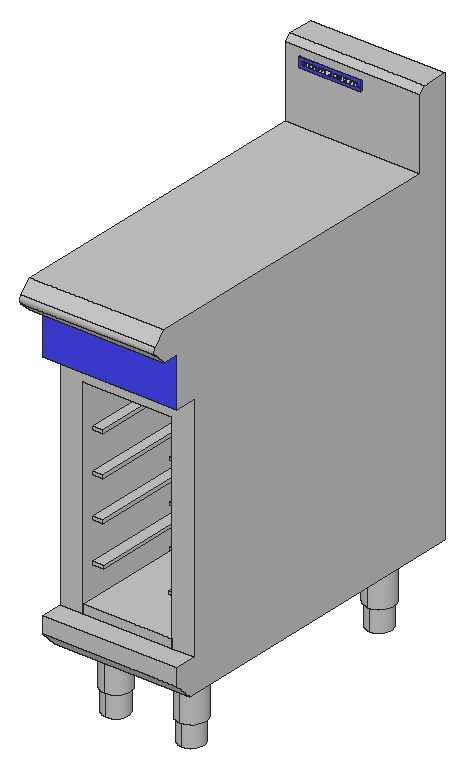
Revit family "QF_MOFFAT_BLUESEAL_CE_B30-CB", category Specialty Equipment, Revit 2012
Parameters
  Weight in Pounds = 114  # constant formula
  Width [instance] = 300.00 mm
  URL Cutsheet = "www.moffat.com"
  URL = "www.moffat.com"
  Type Mark [instance] = ""
  Status [instance] = ""
  Specification by User [instance] = ""
  Specification by Manufacturer = ""
  Show Logo [instance] = yes
  Show Casters [instance] = no
  Serial Number = ""
  Seismic Rating = ""
  SMACNA No = ""
  Revision Code [instance] = ""
  Omniclass Number and Title = ""
  NAFEM Spec ID Number = ""
  Model = "B30-CB"
  Masterspec = ""
  Manufacturer = "MOFFAT BLUESEAL"
  Legs [instance] = not(Show Casters)  # yes
  Item Number [instance] = ""
  Installed By [instance] = ""
  Identify Quantity as Lot [instance] = yes
  Height = 1085.00 mm  # constant formula
  Furnished By [instance] = ""
  Foodservice Equipment Identifier [instance] = yes
  Description = "300MM BENCH TOP CABINET ON BASE"
  Depth [instance] = 812.00 mm  # constant formula
  CSI MasterFormat = ""
  CSI Master Format = ""
  Back Splash [instance] = 57.00 mm  # constant formula
Reference planes
  plane 1 "BACK": y = 0
  plane 2: z = 0
  plane 3 "LEFT": x = 0
  plane 4 "RIGHT": x = 300
  plane 5 "FRONT": y = -812
  plane 6 "TOP": z = 972
  plane 7 "Center Y": x = 150
  plane 8 "Center X": y = -406
  plane 9 "Base Height": z = 150
  plane 10: z = 915
  plane 11: x = 65
  plane 12: x = 384
  plane 13: y = -625
  plane 14: y = -100
  plane 15: z = 1085
Forms (mm)
  Extrusion 1, solid, material "QF_Finishes_Stainless Steel"
    sketch origin (0, 0, 0) x (0, 1, 0) y (0, 0, 1)
      loop
        line (-70, 222.5) -> (-749, 222.5) -> (-749, 186) -> (-713, 150) -> (0, 150) -> (0, 1085.5) -> (-57, 1085.5) -> (-70, 1072.5) -> (-70, 915) -> (-783.97, 915) -> (-808.485, 890.485)
        arc (-808.485, 890.485) -> (-811.999, 882) -> (-808.485, 873.515) r 12
        line (-808.485, 873.515) -> (-784.97, 850) -> (-749, 850) -> (-749, 740) -> (-699, 740) -> (-699, 687) -> (-70, 687) -> (-70, 222.5)
    from 0 to 300
  Revolve 2, solid, material "QF_Finishes_Stainless Steel"
    sketch origin (65, -728, 0) x (0, 1, 0) y (0, 0, 1)
      loop
        line (71.25, 150) -> (71.25, 50) -> (75.5, 50) -> (75.5, 0) -> (103, 0) -> (103, 150) -> (71.25, 150)
      axis (103, 150) -> (103, 0)
    angle from 0 to 360
  Revolve 3, solid, material "QF_Finishes_Stainless Steel"
    sketch origin (234, -728, 0) x (0, 1, 0) y (0, 0, -1)
      loop
        line (71.25, -150) -> (103, -150) -> (103, 0) -> (75.5, 0) -> (75.5, -50) -> (71.25, -50) -> (71.25, -150)
      axis (103, -150) -> (103, 0)
    angle from 0 to 360
  Extrusion 4, solid, material "QF_Finishes_Stainless Steel"
    sketch origin (0, -70, 1085.255) x (0, 0, -1) y (1, 0, 0)
      loop
        line (862.755, 50) -> (398.255, 50) -> (398.255, 0) -> (862.755, 0) -> (862.755, 50)
      loop
        line (862.755, 250) -> (862.755, 300) -> (398.255, 300) -> (398.255, 250) -> (862.755, 250)
    from 0 to 629
  Extrusion 5, solid, material "QF_Finishes_Stainless Steel"
    sketch origin (0, -70, 1085.255) x (0, 0, -1) y (1, 0, 0)
      loop
        line (684.568, 50) -> (684.568, 75) -> (678.218, 75) -> (678.218, 50) -> (684.568, 50)
      loop
        line (588.218, 75) -> (588.218, 50) -> (594.568, 50) -> (594.568, 75) -> (588.218, 75)
      loop
        line (774.568, 52.455) -> (774.568, 77.455) -> (768.218, 77.455) -> (768.218, 52.455) -> (774.568, 52.455)
      loop
        line (498.218, 75) -> (498.218, 50) -> (504.568, 50) -> (504.568, 75) -> (498.218, 75)
      loop
        line (684.568, 250) -> (678.218, 250) -> (678.218, 225) -> (684.568, 225) -> (684.568, 250)
      loop
        line (588.218, 225) -> (594.568, 225) -> (594.568, 250) -> (588.218, 250) -> (588.218, 225)
      loop
        line (774.568, 247.545) -> (768.218, 247.545) -> (768.218, 222.545) -> (774.568, 222.545) -> (774.568, 247.545)
      loop
        line (498.218, 225) -> (504.568, 225) -> (504.568, 250) -> (498.218, 250) -> (498.218, 225)
    from 0 to 604
  Revolve 6, solid, material "QF_Finishes_Stainless Steel", visible <- "Show Casters"
    sketch origin (15.776, -99.755, -13.653) x (1, 0, 0) y (0, 0, 1)
      loop
        line (14.841, 63.604) -> (83.584, 63.604) -> (83.584, 67.109) -> (82.314, 68.379) -> (80.79, 68.379) -> (80.79, 71.826) -> (68.644, 71.826) -> (68.644, 81.79) -> (65.088, 83.843) -> (63.738, 92.179) -> (65.881, 92.179) -> (65.881, 98.529) -> (65.088, 98.529) -> (65.088, 104.879)
        arc (65.088, 104.879) -> (62.298, 111.614) -> (55.563, 114.404) r 9.525
        line (55.563, 114.404) -> (42.863, 114.404)
        arc (42.863, 114.404) -> (36.127, 111.614) -> (33.338, 104.879) r 9.525
        line (33.338, 104.879) -> (33.338, 98.529) -> (32.544, 98.529) -> (32.544, 92.179) -> (34.687, 92.179) -> (33.352, 83.932) -> (29.782, 81.871) -> (29.782, 71.826) -> (17.635, 71.826) -> (17.635, 68.379) -> (16.111, 68.379) -> (14.841, 67.109) -> (14.841, 63.604)
      axis (14.841, 63.604) -> (83.584, 63.604)
    angle from 0 to 360
  Extrusion 7, solid, material "QF_Finishes_Stainless Steel", visible <- "Show Casters"
    sketch origin (71.501, 133.353, -8.783) x (0, 1, 0) y (0, 0, 1)
      loop
        line (-201.603, 118.783) -> (-265.103, 118.783) -> (-252.746, 53.895)
        arc (-252.746, 53.895) -> (-233.353, 38.783) -> (-213.959, 53.895) r 20
        line (-213.959, 53.895) -> (-201.603, 118.783)
    from -35.667 to 22.923
  Revolve 8, solid, material "QF_Finishes_Stainless Steel", visible <- "Show Casters"
    sketch origin (65, -203, 0) x (0, 1, 0) y (0, 0, 1)
      loop
        line (67.25, 150) -> (67.25, 110) -> (103, 110) -> (103, 150) -> (67.25, 150)
      axis (103, 150) -> (103, 110)
    angle from 0 to 360
  Revolve 9, solid, material "QF_Finishes_Stainless Steel", visible <- "Show Casters"
    sketch origin (234, -203, 0) x (0, 1, 0) y (0, 0, -1)
      loop
        line (67.25, -150) -> (103, -150) -> (103, -110) -> (67.25, -110) -> (67.25, -150)
      axis (103, -150) -> (103, -110)
    angle from 0 to 360
  Revolve 10, solid, material "QF_Finishes_Stainless Steel", visible <- "Show Casters"
    sketch origin (184.776, -99.755, -13.653) x (1, 0, 0) y (0, 0, 1)
      loop
        line (14.841, 63.604) -> (83.584, 63.604) -> (83.584, 67.109) -> (82.314, 68.379) -> (80.79, 68.379) -> (80.79, 71.826) -> (68.644, 71.826) -> (68.644, 81.79) -> (65.088, 83.843) -> (63.738, 92.179) -> (65.881, 92.179) -> (65.881, 98.529) -> (65.088, 98.529) -> (65.088, 104.879)
        arc (65.088, 104.879) -> (62.298, 111.614) -> (55.563, 114.404) r 9.525
        line (55.563, 114.404) -> (42.863, 114.404)
        arc (42.863, 114.404) -> (36.127, 111.614) -> (33.338, 104.879) r 9.525
        line (33.338, 104.879) -> (33.338, 98.529) -> (32.544, 98.529) -> (32.544, 92.179) -> (34.687, 92.179) -> (33.352, 83.932) -> (29.782, 81.871) -> (29.782, 71.826) -> (17.635, 71.826) -> (17.635, 68.379) -> (16.111, 68.379) -> (14.841, 67.109) -> (14.841, 63.604)
      axis (83.584, 63.604) -> (14.841, 63.604)
    angle from 0 to 360
  Extrusion 11, solid, material "QF_Finishes_Stainless Steel", visible <- "Show Casters"
    sketch origin (240.501, 133.353, -8.783) x (0, 1, 0) y (0, 0, 1)
      loop
        line (-201.603, 118.783) -> (-265.103, 118.783) -> (-252.746, 53.895)
        arc (-252.746, 53.895) -> (-233.353, 38.783) -> (-213.959, 53.895) r 20
        line (-213.959, 53.895) -> (-201.603, 118.783)
    from -35.667 to 22.923
  Revolve 12, solid, material "QF_Finishes_Stainless Steel", visible <- "Legs"
    sketch origin (65, -165, 0) x (0, 1, 0) y (0, 0, 1)
      loop
        line (33.25, 150) -> (33.25, 50) -> (37.5, 50) -> (37.5, 0) -> (65, 0) -> (65, 150) -> (33.25, 150)
      axis (65, 150) -> (65, 0)
    angle from 0 to 360
  Revolve 13, solid, material "QF_Finishes_Stainless Steel", visible <- "Legs"
    sketch origin (234, -165, 0) x (0, 1, 0) y (0, 0, -1)
      loop
        line (33.25, -150) -> (65, -150) -> (65, 0) -> (37.5, 0) -> (37.5, -50) -> (33.25, -50) -> (33.25, -150)
      axis (65, -150) -> (65, 0)
    angle from 0 to 360
  Extrusion 14, solid, material "QF_Finishes_Stainless Steel"
    sketch origin (0, -70, 1085.255) x (0, 0, -1) y (1, 0, 0)
      loop
        line (862.755, 50) -> (862.755, 250) -> (843.255, 250) -> (843.255, 50) -> (862.755, 50)
    from 0 to 629
Cuts and joins
  joined: Extrusion 1, Extrusion 4
Lines and regions (mm)
  Split face 1
    outline origin (300, 0, 1085.5) x (-1, 0, 0) y (0, -1, 0)
      loop
        arc (242.206, 18.385) -> (250.866, 23.385) -> (250.866, 33.385) r 10
        line (250.866, 33.385) -> (246.824, 40.385)
        arc (246.824, 40.385) -> (243.164, 44.045) -> (238.164, 45.385) r 10
        line (238.164, 45.385) -> (60.206, 45.385)
        arc (60.206, 45.385) -> (51.545, 40.385) -> (51.545, 30.385) r 10
        line (51.545, 30.385) -> (55.587, 23.385)
        arc (55.587, 23.385) -> (59.247, 19.725) -> (64.247, 18.385) r 10
        line (64.247, 18.385) -> (242.206, 18.385)
  symbolic lines
    curve 1: line (0, 0, 0) -> (0, -812, 0)
    curve 2: line (300, 0, 0) -> (0, 0, 0)
    curve 3: line (300, -812, 0) -> (300, 0, 0)
    curve 4: line (0, -70, 0) -> (300, -70, 0)
    curve 5: line (0, -812, 0) -> (300, -812, 0)
    curve 14: line (61.836, -45.385, 0) -> (239.794, -45.385, 0)
    curve 15: arc (239.794, -45.385, 0) -> (248.455, -40.385, 0) -> (248.455, -30.385, 0) r 10
    curve 16: line (248.455, -30.385, 0) -> (244.413, -23.385, 0)
    curve 17: arc (244.413, -23.385, 0) -> (240.753, -19.725, 0) -> (235.753, -18.385, 0) r 10
    curve 18: line (235.753, -18.385, 0) -> (57.794, -18.385, 0)
    curve 19: arc (57.794, -18.385, 0) -> (49.134, -23.385, 0) -> (49.134, -33.385, 0) r 10
    curve 20: line (49.134, -33.385, 0) -> (53.176, -40.385, 0)
    curve 21: arc (53.176, -40.385, 0) -> (56.836, -44.045, 0) -> (61.836, -45.385, 0) r 10
  symbolic lines, style "SpecialityEquipmentHiddenLines", visible <- "Show Casters"
    curve 6: line (78.456, -47.735, 0) -> (105.952, -63.61, 0)
    curve 7: line (27.656, -135.723, 0) -> (78.456, -47.735, 0)
    curve 8: line (55.152, -151.598, 0) -> (27.656, -135.723, 0)
    curve 9: line (105.952, -63.61, 0) -> (55.152, -151.598, 0)
    curve 10: line (240.793, -47.151, 0) -> (268.289, -63.026, 0)
    curve 11: line (189.993, -135.139, 0) -> (240.793, -47.151, 0)
    curve 12: line (217.489, -151.014, 0) -> (189.993, -135.139, 0)
    curve 13: line (268.289, -63.026, 0) -> (217.489, -151.014, 0)
Dimensions and locks
  equal spacing: plane 3 "LEFT", plane 7 "Center Y", plane 4 "RIGHT"
  "Width": plane 3 "LEFT" to plane 4 "RIGHT"
  equal spacing: plane 5 "FRONT", plane 8 "Center X", plane 1 "BACK"
  "Depth": plane 5 "FRONT" to plane 1 "BACK"
  locked: plane 10 to level at 915
  locked: plane 9 "Base Height" to level at 150
  plane 6 "TOP" to plane 10 = 57.00 mm
  plane 13 to plane 14 = 525.00 mm
  plane 12 to plane 11 = 319.00 mm
  "Height": plane 15 to level
  cut or joined group of Extrusion 1, Extrusion 4 to level = 915.00 mm
  Extrusion 1 sketch curve to level = 915.00 mm
  Revolve 6 sketch curve to Revolve 6 sketch curve = 50.80 mm
  Revolve 10 sketch curve to Revolve 10 sketch curve = 50.80 mm
  aligned and locked: level to plane 2
Automatic sketch dimensions
  Extrusion 1 sketch curve to plane 9 "Base Height" = 0.00 mm
  Extrusion 1 sketch curve to plane 1 "BACK" = 0.00 mm
  plane 15 to Extrusion 1 sketch curve = 0.50 mm
  plane 14 to Extrusion 1 sketch curve = 43.00 mm
  plane 14 to Extrusion 1 sketch curve = 30.00 mm  (x2)
  Extrusion 1 sketch curve to plane 13 = 74.00 mm
  Extrusion 1 sketch curve to plane 13 = 88.00 mm
  Extrusion 1 sketch curve to plane 5 "FRONT" = 63.00 mm  (x2)
  Extrusion 1 sketch curve to plane 5 "FRONT" = 28.03 mm
  Extrusion 1 sketch curve to plane 5 "FRONT" = 27.03 mm
  Extrusion 1 sketch curve to plane 5 "FRONT" = 12.001 mm
  Extrusion 1 sketch curve to plane 5 "FRONT" = 3.515 mm  (x2)
  plane 9 "Base Height" to Extrusion 1 sketch curve = 36.00 mm
  plane 9 "Base Height" to Extrusion 1 sketch curve = 72.50 mm
  Extrusion 1 sketch curve to plane 10 = 228.00 mm
  Extrusion 1 sketch curve to Extrusion 1 sketch curve = 53.00 mm
  Extrusion 1 sketch curve to plane 10 = 65.00 mm
  Extrusion 1 sketch curve to Extrusion 1 sketch curve = 23.515 mm
  Extrusion 1 sketch curve to Extrusion 1 sketch curve = 8.485 mm
  Extrusion 1 sketch curve to plane 15 = 12.50 mm
  Revolve 2 sketch curve to plane 9 "Base Height" = 0.00 mm
  Revolve 2 sketch curve to level = 0.00 mm
  Revolve 2 sketch curve to plane 13 = 0.00 mm  (x2)
  Revolve 2 sketch curve to plane 13 = 27.50 mm
  Revolve 2 sketch curve to plane 13 = 31.75 mm
  Revolve 2 sketch curve to Revolve 2 sketch curve = 55.00 mm
  level to Revolve 2 sketch curve = 50.00 mm
  Revolve 2 sketch curve to Revolve 2 sketch curve = 0.00 mm
  Revolve 3 sketch curve to plane 9 "Base Height" = 0.00 mm
  Revolve 3 sketch curve to level = 0.00 mm
  Revolve 3 sketch curve to plane 13 = 0.00 mm  (x2)
  Revolve 3 sketch curve to plane 13 = 27.50 mm
  Revolve 3 sketch curve to plane 13 = 31.75 mm
  level to Revolve 3 sketch curve = 50.00 mm
  Revolve 3 sketch curve to Revolve 3 sketch curve = 0.00 mm
  Revolve 3 sketch curve to Revolve 3 sketch curve = 55.00 mm
  Extrusion 4 sketch curve to Extrusion 1 = 0.00 mm  (x6)
  Extrusion 1 to Extrusion 4 sketch curve = 50.00 mm  (x2)
  plane 12 to Extrusion 5 sketch curve = 134.00 mm  (x3)
  Extrusion 5 sketch curve to plane 10 = 327.963 mm
  plane 11 to Extrusion 5 sketch curve = 10.00 mm  (x3)
  Extrusion 5 sketch curve to Extrusion 5 sketch curve = 0.00 mm
  Extrusion 5 sketch curve to Extrusion 5 sketch curve = 6.35 mm  (x8)
  Extrusion 5 sketch curve to Extrusion 5 sketch curve = 83.65 mm  (x6)
  plane 12 to Extrusion 5 sketch curve = 159.00 mm  (x3)
  plane 11 to Extrusion 5 sketch curve = 12.455 mm
  plane 12 to Extrusion 5 sketch curve = 136.455 mm
  Extrusion 5 sketch curve to plane 11 = 12.545 mm
  Extrusion 5 sketch curve to plane 11 = 15.00 mm  (x3)
  plane 12 to Extrusion 5 sketch curve = 161.455 mm
  plane 3 "LEFT" to Revolve 6 sketch curve = 30.618 mm
  Revolve 6 sketch curve to Revolve 6 sketch curve = 1.27 mm  (x4)
  Revolve 6 sketch curve to Revolve 6 sketch curve = 1.524 mm  (x2)
  Revolve 6 sketch curve to Revolve 6 sketch curve = 12.146 mm  (x2)
  Revolve 6 sketch curve to plane 11 = 16.68 mm
  Revolve 6 sketch curve to Revolve 6 sketch curve = 0.794 mm  (x2)
  Revolve 6 sketch curve to Revolve 6 sketch curve = 3.57 mm
  Revolve 6 sketch curve to Revolve 6 sketch curve = 2.143 mm
  Revolve 6 sketch curve to plane 11 = 6.361 mm
  plane 11 to Revolve 6 sketch curve = 5.13 mm
  plane 11 to Revolve 6 sketch curve = 6.339 mm
  plane 11 to Revolve 6 sketch curve = 14.515 mm
  Revolve 6 sketch curve to Revolve 6 sketch curve = 1.349 mm  (x2)
  Revolve 6 sketch curve to Revolve 6 sketch curve = 3.556 mm
  Revolve 6 sketch curve to Revolve 6 sketch curve = 33.32 mm
  level to Revolve 6 sketch curve = 49.952 mm
  Revolve 6 sketch curve to Revolve 6 sketch curve = 0.00 mm
  Revolve 6 sketch curve to Revolve 6 sketch curve = 3.505 mm  (x2)
  Revolve 6 sketch curve to Revolve 6 sketch curve = 3.447 mm  (x2)
  Revolve 6 sketch curve to Revolve 6 sketch curve = 9.964 mm
  Revolve 6 sketch curve to Revolve 6 sketch curve = 10.045 mm
  Revolve 6 sketch curve to Revolve 6 sketch curve = 2.053 mm
  Revolve 6 sketch curve to Revolve 6 sketch curve = 2.061 mm
  Revolve 6 sketch curve to Revolve 6 sketch curve = 8.247 mm
  Revolve 6 sketch curve to Revolve 6 sketch curve = 8.336 mm
  Revolve 6 sketch curve to Revolve 6 sketch curve = 6.35 mm  (x2)
  Extrusion 7 sketch curve to plane 14 = 0.00 mm
  Extrusion 7 sketch curve to plane 14 = 19.393 mm
  Extrusion 7 sketch curve to plane 14 = 31.75 mm
  plane 14 to Extrusion 7 sketch curve = 19.393 mm
  plane 14 to Extrusion 7 sketch curve = 31.75 mm
  level to Extrusion 7 sketch curve = 45.111 mm
  Extrusion 7 sketch curve to Extrusion 7 sketch curve = 4.889 mm
  Extrusion 7 sketch curve to plane 9 "Base Height" = 40.00 mm
  Revolve 8 sketch curve to plane 9 "Base Height" = 0.00 mm
  Revolve 8 sketch curve to plane 14 = 0.00 mm  (x2)
  Revolve 8 sketch curve to plane 14 = 35.75 mm
  Revolve 8 sketch curve to Revolve 8 sketch curve = 40.00 mm
  level to Revolve 8 sketch curve = 50.00 mm
  Revolve 8 sketch curve to level = 55.00 mm
  Revolve 9 sketch curve to plane 9 "Base Height" = 0.00 mm
  Revolve 9 sketch curve to plane 14 = 0.00 mm  (x2)
  Revolve 9 sketch curve to plane 14 = 35.75 mm
  Revolve 9 sketch curve to plane 9 "Base Height" = 40.00 mm
  level to Revolve 9 sketch curve = 50.00 mm
  Revolve 9 sketch curve to level = 55.00 mm
  plane 12 to Revolve 10 sketch curve = 184.382 mm
  Revolve 10 sketch curve to Revolve 10 sketch curve = 1.27 mm  (x4)
  Revolve 10 sketch curve to Revolve 10 sketch curve = 1.524 mm  (x2)
  Revolve 10 sketch curve to Revolve 10 sketch curve = 12.146 mm  (x2)
  plane 12 to Revolve 10 sketch curve = 166.68 mm
  Revolve 10 sketch curve to Revolve 10 sketch curve = 0.794 mm  (x2)
  Revolve 10 sketch curve to Revolve 10 sketch curve = 3.57 mm
  Revolve 10 sketch curve to Revolve 10 sketch curve = 2.143 mm
  plane 12 to Revolve 10 sketch curve = 156.361 mm
  plane 12 to Revolve 10 sketch curve = 144.87 mm
  plane 12 to Revolve 10 sketch curve = 143.661 mm
  plane 12 to Revolve 10 sketch curve = 135.485 mm
  Revolve 10 sketch curve to Revolve 10 sketch curve = 1.349 mm  (x2)
  Revolve 10 sketch curve to Revolve 10 sketch curve = 3.556 mm
  plane 4 "RIGHT" to Revolve 10 sketch curve = 148.32 mm
  level to Revolve 10 sketch curve = 49.952 mm
  Revolve 10 sketch curve to Revolve 10 sketch curve = 0.00 mm
  Revolve 10 sketch curve to Revolve 10 sketch curve = 3.505 mm  (x2)
  Revolve 10 sketch curve to Revolve 10 sketch curve = 3.447 mm  (x2)
  Revolve 10 sketch curve to Revolve 10 sketch curve = 9.964 mm
  Revolve 10 sketch curve to Revolve 10 sketch curve = 10.045 mm
  Revolve 10 sketch curve to Revolve 10 sketch curve = 2.053 mm
  Revolve 10 sketch curve to Revolve 10 sketch curve = 2.061 mm
  Revolve 10 sketch curve to Revolve 10 sketch curve = 8.247 mm
  Revolve 10 sketch curve to Revolve 10 sketch curve = 8.336 mm
  Revolve 10 sketch curve to Revolve 10 sketch curve = 6.35 mm  (x2)
  Extrusion 11 sketch curve to plane 14 = 0.00 mm
  Extrusion 11 sketch curve to plane 14 = 19.393 mm
  Extrusion 11 sketch curve to plane 14 = 31.75 mm
  plane 14 to Extrusion 11 sketch curve = 19.393 mm
  plane 14 to Extrusion 11 sketch curve = 31.75 mm
  level to Extrusion 11 sketch curve = 45.111 mm
  Extrusion 11 sketch curve to Extrusion 11 sketch curve = 4.889 mm
  Extrusion 11 sketch curve to plane 9 "Base Height" = 40.00 mm
  Revolve 12 sketch curve to plane 9 "Base Height" = 0.00 mm
  Revolve 12 sketch curve to level = 0.00 mm
  Revolve 12 sketch curve to plane 14 = 0.00 mm  (x2)
  Revolve 12 sketch curve to Revolve 12 sketch curve = 27.50 mm
  Revolve 12 sketch curve to Revolve 12 sketch curve = 31.75 mm
  Revolve 12 sketch curve to level = 55.00 mm
  Revolve 12 sketch curve to Revolve 12 sketch curve = 50.00 mm
  Revolve 12 sketch curve to Revolve 12 sketch curve = 0.00 mm
  Revolve 13 sketch curve to plane 9 "Base Height" = 0.00 mm
  Revolve 13 sketch curve to level = 0.00 mm
  Revolve 13 sketch curve to plane 14 = 0.00 mm  (x2)
  Revolve 13 sketch curve to Revolve 13 sketch curve = 27.50 mm
  Revolve 13 sketch curve to Revolve 13 sketch curve = 31.75 mm
  level to Revolve 13 sketch curve = 50.00 mm
  Revolve 13 sketch curve to Revolve 13 sketch curve = 0.00 mm
  Revolve 13 sketch curve to Revolve 13 sketch curve = 55.00 mm
  Extrusion 14 sketch curve to Extrusion 1 = 0.00 mm
  Extrusion 1 to Extrusion 14 sketch curve = 19.50 mm
  Extrusion 1 to Extrusion 14 sketch curve = 50.00 mm  (x2)
  Split face 1 sketch curve to cut or joined group of Extrusion 1, Extrusion 4 = 26.615 mm
  Split face 1 sketch curve to cut or joined group of Extrusion 1, Extrusion 4 = 51.545 mm
  Split face 1 sketch curve to Split face 1 sketch curve = 4.041 mm  (x4)
  Split face 1 sketch curve to Split face 1 sketch curve = 8.66 mm  (x2)
  Split face 1 sketch curve to cut or joined group of Extrusion 1, Extrusion 4 = 11.615 mm
  Split face 1 sketch curve to cut or joined group of Extrusion 1, Extrusion 4 = 61.836 mm
  Split face 1 sketch curve to Split face 1 sketch curve = 7.00 mm  (x3)
  Split face 1 sketch curve to Split face 1 sketch curve = 17.00 mm
  curve 1 to plane 3 "LEFT" = 0.00 mm
  plane 1 "BACK" to curve 2 = 0.00 mm
  curve 2 to plane 4 "RIGHT" = 0.00 mm
  plane 5 "FRONT" to curve 3 = 0.00 mm
  plane 3 "LEFT" to curve 7 = 27.656 mm
  curve 9 to plane 11 = 9.848 mm
  plane 11 to curve 7 = 13.456 mm
  curve 19 to curve 6 = 29.322 mm
  curve 20 to curve 20 = 4.041 mm
  curve 19 to curve 19 = 8.66 mm
  curve 19 to curve 21 = 4.041 mm
  plane 4 "RIGHT" to curve 17 = 64.247 mm
  curve 17 to curve 15 = 4.041 mm
  plane 4 "RIGHT" to curve 12 = 110.007 mm
  plane 1 "BACK" to curve 16 = 23.385 mm
  curve 17 to curve 16 = 8.66 mm
  curve 17 to curve 16 = 4.041 mm
  plane 12 to curve 13 = 166.511 mm
  plane 12 to curve 11 = 143.207 mm
  curve 9 to plane 14 = 51.598 mm
  curve 13 to plane 14 = 51.014 mm
  curve 8 to curve 8 = 15.875 mm
  curve 12 to curve 12 = 15.875 mm
  plane 14 to curve 4 = 30.00 mm
  curve 6 to curve 21 = 18.225 mm
  curve 14 to curve 20 = 5.00 mm
  curve 14 to curve 15 = 10.00 mm
  curve 21 to curve 20 = 7.00 mm
  curve 21 to curve 19 = 7.00 mm
Nested families
  nested 1: "WALDORF LOGO_FACE BASE" at (32.128, -70, 1056.422) x (1, 0, 0) z (0, -1, 0), visible <- "Show Logo", type "WALDORF LOGO_FACE BASE", detail levels medium+fine
    with Show Logo yes
Definition of nested family "WALDORF LOGO_FACE BASE"
  Parameters (values of type "WALDORF LOGO_FACE BASE")
    Show Logo [instance] = yes
    Default Elevation = 1219.20 mm
  Reference planes
    plane 1 "Center (Front/Back)": y = 0
    plane 2: z = 0
    plane 3 "Center (Left/Right)": x = 0
  Forms (mm)
    Extrusion 1, solid
      sketch origin (0, 0, 0) x (1, 0, 0) y (0, 1, 0)
        loop
          line (-1219.2, 1219.2) -> (-1219.2, -1219.2) -> (1219.2, -1219.2) -> (1219.2, 1219.2) -> (-1219.2, 1219.2)
      from 0 to -304.8
    Extrusion 2, solid, material "QF_Finishes_Blue", visible <- "Show Logo"
      sketch origin (0, -33.217, 0) x (1, 0, 0) y (0, 1, 0)
        loop
          arc (138, 31.942) -> (137.626, 32.844) -> (136.724, 33.217) r 1.276
          line (136.724, 33.217) -> (1.29, 33.217)
          arc (1.29, 33.217) -> (0.378, 32.839) -> (0, 31.927) r 1.29
          line (0, 31.927) -> (0, 11.507)
          arc (0, 11.507) -> (0.378, 10.595) -> (1.29, 10.217) r 1.29
          line (1.29, 10.217) -> (136.71, 10.217)
          arc (136.71, 10.217) -> (137.622, 10.595) -> (138, 11.507) r 1.29
          line (138, 11.507) -> (138, 31.942)
      from 0 to 1.588
    Extrusion 3, solid, material "QF_Finishes_White", visible <- "Show Logo"
      sketch origin (0, -33.217, 1.588) x (1, 0, 0) y (0, 1, 0)
        loop
          arc (108.946, 25.919) -> (107.613, 25.367) -> (107.061, 24.034) r 1.885
          line (107.061, 24.034) -> (107.061, 17.211) -> (112.704, 17.211) -> (112.704, 19.129) -> (115.546, 19.129) -> (115.546, 17.211) -> (121.584, 17.211) -> (121.584, 24.075)
          arc (121.584, 24.075) -> (121.043, 25.379) -> (119.739, 25.919) r 1.845
          line (119.739, 25.919) -> (108.946, 25.919)
        loop
          line (123.478, 25.919) -> (123.478, 17.163) -> (134.904, 17.163) -> (134.904, 19.129) -> (129.246, 19.129) -> (129.246, 25.919) -> (123.478, 25.919)
        loop
          line (112.704, 21.258) -> (115.546, 21.258) -> (115.546, 22.702)
          arc (115.546, 22.702) -> (115.344, 23.188) -> (114.858, 23.389) r 0.687
          line (114.858, 23.389) -> (113.363, 23.389)
          arc (113.363, 23.389) -> (112.897, 23.196) -> (112.704, 22.73) r 0.658
          line (112.704, 22.73) -> (112.704, 21.258)
        loop
          line (105.071, 25.919) -> (93.771, 25.919) -> (93.771, 17.163) -> (105.071, 17.163) -> (105.071, 19.063) -> (99.535, 19.063) -> (99.535, 20.437) -> (105.071, 20.437) -> (105.071, 22.278) -> (99.535, 22.278) -> (99.535, 23.587) -> (105.071, 23.587) -> (105.071, 25.919)
        loop
          line (91.104, 25.919) -> (79.541, 25.919)
          arc (79.541, 25.919) -> (78.558, 25.513) -> (78.152, 24.53) r 1.389
          line (78.152, 24.53) -> (78.152, 22.08)
          arc (78.152, 22.08) -> (78.558, 21.098) -> (79.541, 20.691) r 1.389
          line (79.541, 20.691) -> (86.346, 20.691) -> (86.346, 18.864) -> (83.266, 18.864) -> (83.266, 19.664) -> (78.152, 19.664) -> (78.152, 18.553)
          arc (78.152, 18.553) -> (78.558, 17.57) -> (79.541, 17.163) r 1.389
          line (79.541, 17.163) -> (91.063, 17.163)
          arc (91.063, 17.163) -> (92.045, 17.57) -> (92.452, 18.553) r 1.389
          line (92.452, 18.553) -> (92.452, 20.691)
          arc (92.452, 20.691) -> (92.045, 21.673) -> (91.063, 22.08) r 1.389
          line (91.063, 22.08) -> (83.266, 22.08) -> (83.266, 23.984) -> (86.346, 23.984) -> (86.346, 22.743) -> (92.452, 22.743) -> (92.452, 24.571)
          arc (92.452, 24.571) -> (92.057, 25.524) -> (91.104, 25.919) r 1.348
        loop
          line (70.705, 25.919) -> (59.405, 25.919) -> (59.405, 17.163) -> (70.705, 17.163) -> (70.705, 19.063) -> (65.169, 19.063) -> (65.169, 20.437) -> (70.705, 20.437) -> (70.705, 22.278) -> (65.169, 22.278) -> (65.169, 23.587) -> (70.705, 23.587) -> (70.705, 25.919)
        loop
          line (57.598, 25.919) -> (51.7, 25.919) -> (51.7, 20.18)
          arc (51.7, 20.18) -> (50.63, 19.11) -> (49.56, 20.18) r 1.07
          line (49.56, 20.18) -> (49.56, 25.919) -> (43.663, 25.919) -> (43.663, 19.049)
          arc (43.663, 19.049) -> (44.215, 17.716) -> (45.548, 17.163) r 1.885
          line (45.548, 17.163) -> (55.71, 17.163)
          arc (55.71, 17.163) -> (57.045, 17.716) -> (57.598, 19.051) r 1.887
          line (57.598, 19.051) -> (57.598, 25.919)
        loop
          line (31.62, 25.919) -> (31.62, 17.163) -> (43.046, 17.163) -> (43.046, 19.129) -> (37.388, 19.129) -> (37.388, 25.919) -> (31.62, 25.919)
        loop
          line (15.969, 25.919) -> (15.969, 17.163) -> (28.693, 17.163)
          arc (28.693, 17.163) -> (29.812, 17.627) -> (30.276, 18.746) r 1.582
          line (30.276, 18.746) -> (30.276, 20.447) -> (29.48, 21.243) -> (30.276, 22.039) -> (30.276, 24.332)
          arc (30.276, 24.332) -> (29.811, 25.454) -> (28.688, 25.919) r 1.587
          line (28.688, 25.919) -> (15.969, 25.919)
        loop
          line (21.449, 24.159) -> (21.449, 22.436) -> (23.862, 22.436)
          arc (23.862, 22.436) -> (24.723, 23.298) -> (23.862, 24.159) r 0.861
          line (23.862, 24.159) -> (21.449, 24.159)
        loop
          line (21.449, 20.244) -> (21.449, 18.522) -> (23.862, 18.522)
          arc (23.862, 18.522) -> (24.723, 19.383) -> (23.862, 20.244) r 0.861
          line (23.862, 20.244) -> (21.449, 20.244)
      from 0 to 0.2
    Extrusion 4, solid, material "QF_Finishes_Blue", visible <- "Show Logo"
      sketch origin (-126.498, -31.09, 1.588) x (1, 0, 0) y (0, 1, 0)
        loop
          line (136.738, 23.522) -> (136.738, 15.1)
          arc (136.738, 15.1) -> (140.756, 19.311) -> (136.738, 23.522) r 4.216
      from 0 to 0.2
    Extrusion 5, solid, material "QF_Finishes_Red", visible <- "Show Logo"
      sketch origin (146.849, -31.09, 1.588) x (-1, 0, 0) y (0, -1, 0)
        loop
          arc (136.738, -23.522) -> (140.756, -19.311) -> (136.738, -15.1) r 4.216
          line (136.738, -15.1) -> (136.738, -23.522)
      from 0 to 0.2
  Lines and regions (mm)
    Split face 1
      outline origin (-90.35, -30.793, 1.588) x (1, 0, 0) y (0, 1, 0)
        loop
          circle (100.54, 19.013) r 4.536
  Dimensions and locks
    aligned and locked: plane 2 to Extrusion 1
    aligned and locked: level to Extrusion 1
